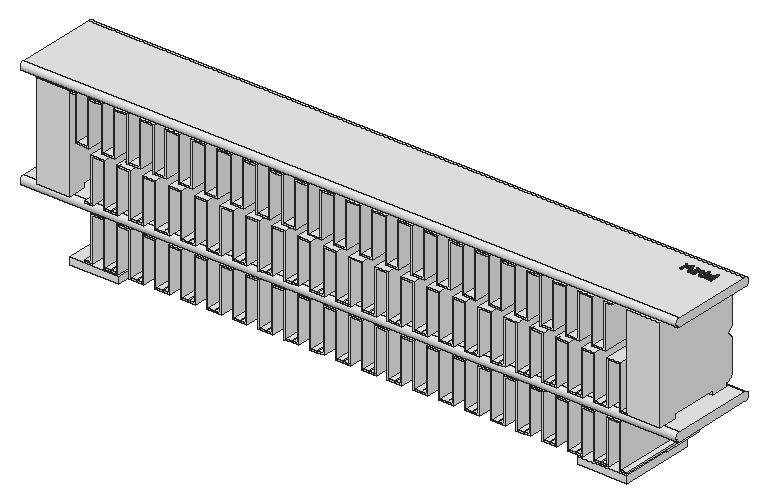
Revit family "Runtal-R3F-1", category Mechanical Equipment, host Face, Revit 2025 (continued)
Definition of nested family "Family Grilles"
  Lines and regions (mm)
    model lines
      curve 393: circle (223.52, 1.27, 0) r 1.27 normal (0, 0, 1)
      curve 394: circle (228.6, 19.05, 0) r 1.27 normal (0, 0, 1)
      curve 395: circle (228.6, 10.16, 0) r 1.27 normal (0, 0, 1)
      curve 396: circle (228.6, 1.27, 0) r 1.27 normal (0, 0, 1)
      curve 397: circle (233.68, 19.05, 0) r 1.27 normal (0, 0, 1)
      curve 398: circle (233.68, 10.16, 0) r 1.27 normal (0, 0, 1)
      curve 399: circle (233.68, 1.27, 0) r 1.27 normal (0, 0, 1)
      curve 400: circle (238.76, 19.05, 0) r 1.27 normal (0, 0, 1)
      curve 401: circle (238.76, 10.16, 0) r 1.27 normal (0, 0, 1)
      curve 402: circle (238.76, 1.27, 0) r 1.27 normal (0, 0, 1)
      curve 403: circle (243.84, 19.05, 0) r 1.27 normal (0, 0, 1)
      curve 404: circle (243.84, 10.16, 0) r 1.27 normal (0, 0, 1)
      curve 405: circle (243.84, 1.27, 0) r 1.27 normal (0, 0, 1)
      curve 406: circle (248.92, 19.05, 0) r 1.27 normal (0, 0, 1)
      curve 407: circle (248.92, 10.16, 0) r 1.27 normal (0, 0, 1)
      curve 408: circle (248.92, 1.27, 0) r 1.27 normal (0, 0, 1)
      curve 409: circle (254, 19.05, 0) r 1.27 normal (0, 0, 1)
      curve 410: circle (254, 10.16, 0) r 1.27 normal (0, 0, 1)
      curve 411: circle (254, 1.27, 0) r 1.27 normal (0, 0, 1)
      curve 412: circle (259.08, 19.05, 0) r 1.27 normal (0, 0, 1)
      curve 413: circle (259.08, 10.16, 0) r 1.27 normal (0, 0, 1)
      curve 414: circle (259.08, 1.27, 0) r 1.27 normal (0, 0, 1)
      curve 415: circle (264.16, 19.05, 0) r 1.27 normal (0, 0, 1)
      curve 416: circle (264.16, 10.16, 0) r 1.27 normal (0, 0, 1)
      curve 417: circle (264.16, 1.27, 0) r 1.27 normal (0, 0, 1)
      curve 418: circle (269.24, 19.05, 0) r 1.27 normal (0, 0, 1)
      curve 419: circle (269.24, 10.16, 0) r 1.27 normal (0, 0, 1)
      curve 420: circle (269.24, 1.27, 0) r 1.27 normal (0, 0, 1)
      curve 421: circle (274.32, 19.05, 0) r 1.27 normal (0, 0, 1)
      curve 422: circle (274.32, 10.16, 0) r 1.27 normal (0, 0, 1)
      curve 423: circle (274.32, 1.27, 0) r 1.27 normal (0, 0, 1)
      curve 424: circle (279.4, 19.05, 0) r 1.27 normal (0, 0, 1)
      curve 425: circle (279.4, 10.16, 0) r 1.27 normal (0, 0, 1)
      curve 426: circle (279.4, 1.27, 0) r 1.27 normal (0, 0, 1)
      curve 427: circle (284.48, 19.05, 0) r 1.27 normal (0, 0, 1)
      curve 428: circle (284.48, 10.16, 0) r 1.27 normal (0, 0, 1)
      curve 429: circle (284.48, 1.27, 0) r 1.27 normal (0, 0, 1)
      curve 430: circle (289.56, 19.05, 0) r 1.27 normal (0, 0, 1)
      curve 431: circle (289.56, 10.16, 0) r 1.27 normal (0, 0, 1)
      curve 432: circle (289.56, 1.27, 0) r 1.27 normal (0, 0, 1)
      curve 433: circle (294.64, 19.05, 0) r 1.27 normal (0, 0, 1)
      curve 434: circle (294.64, 10.16, 0) r 1.27 normal (0, 0, 1)
      curve 435: circle (294.64, 1.27, 0) r 1.27 normal (0, 0, 1)
      curve 436: circle (299.72, 19.05, 0) r 1.27 normal (0, 0, 1)
      curve 437: circle (299.72, 10.16, 0) r 1.27 normal (0, 0, 1)
      curve 438: circle (299.72, 1.27, 0) r 1.27 normal (0, 0, 1)
      curve 439: circle (304.8, 19.05, 0) r 1.27 normal (0, 0, 1)
      curve 440: circle (304.8, 10.16, 0) r 1.27 normal (0, 0, 1)
      curve 441: circle (304.8, 1.27, 0) r 1.27 normal (0, 0, 1)
      curve 442: circle (309.88, 19.05, 0) r 1.27 normal (0, 0, 1)
      curve 443: circle (309.88, 10.16, 0) r 1.27 normal (0, 0, 1)
      curve 444: circle (309.88, 1.27, 0) r 1.27 normal (0, 0, 1)
      curve 445: circle (314.96, 19.05, 0) r 1.27 normal (0, 0, 1)
      curve 446: circle (314.96, 10.16, 0) r 1.27 normal (0, 0, 1)
      curve 447: circle (314.96, 1.27, 0) r 1.27 normal (0, 0, 1)
      curve 448: circle (320.04, 19.05, 0) r 1.27 normal (0, 0, 1)
      curve 449: circle (320.04, 10.16, 0) r 1.27 normal (0, 0, 1)
      curve 450: circle (320.04, 1.27, 0) r 1.27 normal (0, 0, 1)
      curve 451: circle (325.12, 19.05, 0) r 1.27 normal (0, 0, 1)
      curve 452: circle (325.12, 10.16, 0) r 1.27 normal (0, 0, 1)
      curve 453: circle (325.12, 1.27, 0) r 1.27 normal (0, 0, 1)
      curve 454: circle (330.2, 19.05, 0) r 1.27 normal (0, 0, 1)
      curve 455: circle (330.2, 10.16, 0) r 1.27 normal (0, 0, 1)
      curve 456: circle (330.2, 1.27, 0) r 1.27 normal (0, 0, 1)
      curve 457: circle (335.28, 19.05, 0) r 1.27 normal (0, 0, 1)
      curve 458: circle (335.28, 10.16, 0) r 1.27 normal (0, 0, 1)
      curve 459: circle (335.28, 1.27, 0) r 1.27 normal (0, 0, 1)
      curve 460: circle (340.36, 19.05, 0) r 1.27 normal (0, 0, 1)
      curve 461: circle (340.36, 10.16, 0) r 1.27 normal (0, 0, 1)
      curve 462: circle (340.36, 1.27, 0) r 1.27 normal (0, 0, 1)
      curve 463: circle (345.44, 19.05, 0) r 1.27 normal (0, 0, 1)
      curve 464: circle (345.44, 10.16, 0) r 1.27 normal (0, 0, 1)
      curve 465: circle (345.44, 1.27, 0) r 1.27 normal (0, 0, 1)
      curve 466: circle (350.52, 19.05, 0) r 1.27 normal (0, 0, 1)
      curve 467: circle (350.52, 10.16, 0) r 1.27 normal (0, 0, 1)
      curve 468: circle (350.52, 1.27, 0) r 1.27 normal (0, 0, 1)
      curve 469: circle (355.6, 19.05, 0) r 1.27 normal (0, 0, 1)
      curve 470: circle (355.6, 10.16, 0) r 1.27 normal (0, 0, 1)
      curve 471: circle (355.6, 1.27, 0) r 1.27 normal (0, 0, 1)
      curve 472: circle (360.68, 19.05, 0) r 1.27 normal (0, 0, 1)
      curve 473: circle (360.68, 10.16, 0) r 1.27 normal (0, 0, 1)
      curve 474: circle (360.68, 1.27, 0) r 1.27 normal (0, 0, 1)
      curve 475: circle (365.76, 19.05, 0) r 1.27 normal (0, 0, 1)
      curve 476: circle (365.76, 10.16, 0) r 1.27 normal (0, 0, 1)
      curve 477: circle (365.76, 1.27, 0) r 1.27 normal (0, 0, 1)
      curve 478: circle (370.84, 19.05, 0) r 1.27 normal (0, 0, 1)
      curve 479: circle (370.84, 10.16, 0) r 1.27 normal (0, 0, 1)
      curve 480: circle (370.84, 1.27, 0) r 1.27 normal (0, 0, 1)
      curve 481: circle (375.92, 19.05, 0) r 1.27 normal (0, 0, 1)
      curve 482: circle (375.92, 10.16, 0) r 1.27 normal (0, 0, 1)
      curve 483: circle (375.92, 1.27, 0) r 1.27 normal (0, 0, 1)
      curve 484: circle (381, 19.05, 0) r 1.27 normal (0, 0, 1)
      curve 485: circle (381, 10.16, 0) r 1.27 normal (0, 0, 1)
      curve 486: circle (381, 1.27, 0) r 1.27 normal (0, 0, 1)
      curve 487: circle (386.08, 19.05, 0) r 1.27 normal (0, 0, 1)
      curve 488: circle (386.08, 10.16, 0) r 1.27 normal (0, 0, 1)
      curve 489: circle (386.08, 1.27, 0) r 1.27 normal (0, 0, 1)
      curve 490: circle (391.16, 19.05, 0) r 1.27 normal (0, 0, 1)
      curve 491: circle (391.16, 10.16, 0) r 1.27 normal (0, 0, 1)
      curve 492: circle (391.16, 1.27, 0) r 1.27 normal (0, 0, 1)
      curve 493: circle (396.24, 19.05, 0) r 1.27 normal (0, 0, 1)
      curve 494: circle (396.24, 10.16, 0) r 1.27 normal (0, 0, 1)
      curve 495: circle (396.24, 1.27, 0) r 1.27 normal (0, 0, 1)
      curve 496: circle (401.32, 19.05, 0) r 1.27 normal (0, 0, 1)
      curve 497: circle (401.32, 10.16, 0) r 1.27 normal (0, 0, 1)
      curve 498: circle (401.32, 1.27, 0) r 1.27 normal (0, 0, 1)
      curve 499: circle (406.4, 19.05, 0) r 1.27 normal (0, 0, 1)
      curve 500: circle (406.4, 10.16, 0) r 1.27 normal (0, 0, 1)
      curve 501: circle (406.4, 1.27, 0) r 1.27 normal (0, 0, 1)
      curve 502: circle (411.48, 19.05, 0) r 1.27 normal (0, 0, 1)
      curve 503: circle (411.48, 10.16, 0) r 1.27 normal (0, 0, 1)
      curve 504: circle (411.48, 1.27, 0) r 1.27 normal (0, 0, 1)
      curve 505: circle (416.56, 19.05, 0) r 1.27 normal (0, 0, 1)
      curve 506: circle (416.56, 10.16, 0) r 1.27 normal (0, 0, 1)
      curve 507: circle (416.56, 1.27, 0) r 1.27 normal (0, 0, 1)
      curve 508: circle (421.64, 19.05, 0) r 1.27 normal (0, 0, 1)
      curve 509: circle (421.64, 10.16, 0) r 1.27 normal (0, 0, 1)
      curve 510: circle (421.64, 1.27, 0) r 1.27 normal (0, 0, 1)
      curve 511: circle (426.72, 19.05, 0) r 1.27 normal (0, 0, 1)
      curve 512: circle (426.72, 10.16, 0) r 1.27 normal (0, 0, 1)
      curve 513: circle (426.72, 1.27, 0) r 1.27 normal (0, 0, 1)
    model lines, not visible
      curve 7: circle (2.54, 23.495, 0) r 1.27 normal (0, 0, 1)
      curve 8: circle (2.54, 14.605, 0) r 1.27 normal (0, 0, 1)
      curve 9: circle (2.54, 5.715, 0) r 1.27 normal (0, 0, 1)
      curve 10: circle (5.08, 19.05, 0) r 1.27 normal (0, 0, 1)
      curve 11: circle (5.08, 10.16, 0) r 1.27 normal (0, 0, 1)
      curve 12: circle (5.08, 1.27, 0) r 1.27 normal (0, 0, 1)
  Dimensions and locks
    "finLength": plane 3 "Center (Left/Right)" to plane 4
    equal spacing: group 1, group 5, group 9, group 10, group 11, group 12, group 13, group 14, group 15, group 16, group 17, group 18, group 19, group 20, group 21, group 22, group 23, group 24, group 25, group 26, group 27, group 28, group 29, group 30, group 31, group 32, group 33, group 34, group 35, group 36, group 37, group 38, group 39, group 40, group 41, group 42, group 43, group 44, group 45, group 46, group 47, group 48, group 49, group 50, group 51, group 52, group 53, group 54, group 55, group 56, group 57, group 58, group 59, group 60, group 61, group 62, group 63, group 64, group 65, group 66, group 67, group 68, group 69, group 70, group 71, group 72, group 73, group 74, group 75, group 76, group 77, group 78, group 79, group 80, group 81, group 82, group 83, group 84, group 85, group 86, group 87, group 88, group 89, group 90, group 91  (x3)
    equal spacing: group 3, group 6, group 7, group 8, group 92, group 93, group 94, group 95, group 96, group 97, group 98, group 99, group 100, group 101, group 102, group 103, group 104, group 105, group 106, group 107, group 108, group 109, group 110, group 111, group 112, group 113, group 114, group 115, group 116, group 117, group 118, group 119, group 120, group 121, group 122, group 123, group 124, group 125, group 126, group 127, group 128, group 129, group 130, group 131, group 132, group 133, group 134, group 135, group 136, group 137, group 138, group 139, group 140, group 141, group 142, group 143, group 144, group 145, group 146, group 147, group 148, group 149, group 150, group 151, group 152, group 153, group 154, group 155, group 156, group 157, group 158, group 159, group 160, group 161, group 162, group 163, group 164, group 165, group 166, group 167, group 168, group 169, group 170, group 171  (x3)
    aligned and locked: plane 2 to Extrusion 1
    aligned and locked: level to Extrusion 1
  Automatic sketch dimensions
    Extrusion 1 sketch curve to Extrusion 1 sketch curve = 2438.400 mm  (x2)
    curve 1 to curve 2 = 0.000 mm
    curve 2 to curve 1 = 8.890 mm
    curve 3 to curve 2 = 0.000 mm
    curve 3 to curve 2 = 8.890 mm
    curve 7 to curve 8 = 0.000 mm
    curve 8 to curve 7 = 8.890 mm
    curve 9 to curve 8 = 0.000 mm
    curve 9 to curve 8 = 8.890 mm
    curve 4 to curve 5 = 0.000 mm
    curve 5 to curve 4 = 8.890 mm
    curve 6 to curve 5 = 0.000 mm
    curve 6 to curve 5 = 8.890 mm
    curve 10 to curve 11 = 0.000 mm
    curve 11 to curve 10 = 8.890 mm
    curve 12 to curve 11 = 0.000 mm
    curve 12 to curve 11 = 8.890 mm
    curve 13 to curve 14 = 0.000 mm
    curve 14 to curve 13 = 8.890 mm
    curve 15 to curve 14 = 0.000 mm
    curve 15 to curve 14 = 8.890 mm
    curve 16 to curve 17 = 0.000 mm
    curve 17 to curve 16 = 8.890 mm
    curve 18 to curve 17 = 0.000 mm
    curve 18 to curve 17 = 8.890 mm
    curve 19 to curve 20 = 0.000 mm
    curve 20 to curve 19 = 8.890 mm
    curve 21 to curve 20 = 0.000 mm
    curve 21 to curve 20 = 8.890 mm
    curve 22 to curve 23 = 0.000 mm
    curve 23 to curve 22 = 8.890 mm
    curve 24 to curve 23 = 0.000 mm
    curve 24 to curve 23 = 8.890 mm
    curve 25 to curve 26 = 0.000 mm
    curve 26 to curve 25 = 8.890 mm
    curve 27 to curve 26 = 0.000 mm
    curve 27 to curve 26 = 8.890 mm
    curve 28 to curve 29 = 0.000 mm
    curve 29 to curve 28 = 8.890 mm
    curve 30 to curve 29 = 0.000 mm
    curve 30 to curve 29 = 8.890 mm
    curve 31 to curve 32 = 0.000 mm
    curve 32 to curve 31 = 8.890 mm
    curve 33 to curve 32 = 0.000 mm
    curve 33 to curve 32 = 8.890 mm
    curve 34 to curve 35 = 0.000 mm
    curve 35 to curve 34 = 8.890 mm
    curve 36 to curve 35 = 0.000 mm
    curve 36 to curve 35 = 8.890 mm
    curve 37 to curve 38 = 0.000 mm
    curve 38 to curve 37 = 8.890 mm
    curve 39 to curve 38 = 0.000 mm
    curve 39 to curve 38 = 8.890 mm
    curve 40 to curve 41 = 0.000 mm
    curve 41 to curve 40 = 8.890 mm
    curve 42 to curve 41 = 0.000 mm
    curve 42 to curve 41 = 8.890 mm
    curve 43 to curve 44 = 0.000 mm
    curve 44 to curve 43 = 8.890 mm
    curve 45 to curve 44 = 0.000 mm
    curve 45 to curve 44 = 8.890 mm
    curve 46 to curve 47 = 0.000 mm
    curve 47 to curve 46 = 8.890 mm
    curve 48 to curve 47 = 0.000 mm
    curve 48 to curve 47 = 8.890 mm
    curve 49 to curve 50 = 0.000 mm
    curve 50 to curve 49 = 8.890 mm
    curve 51 to curve 50 = 0.000 mm
    curve 51 to curve 50 = 8.890 mm
    curve 52 to curve 53 = 0.000 mm
    curve 53 to curve 52 = 8.890 mm
    curve 54 to curve 53 = 0.000 mm
    curve 54 to curve 53 = 8.890 mm
    curve 55 to curve 56 = 0.000 mm
    curve 56 to curve 55 = 8.890 mm
    curve 57 to curve 56 = 0.000 mm
    curve 57 to curve 56 = 8.890 mm
    curve 58 to curve 59 = 0.000 mm
    curve 59 to curve 58 = 8.890 mm
    curve 60 to curve 59 = 0.000 mm
    curve 60 to curve 59 = 8.890 mm
    curve 61 to curve 62 = 0.000 mm
    curve 62 to curve 61 = 8.890 mm
    curve 63 to curve 62 = 0.000 mm
    curve 63 to curve 62 = 8.890 mm
    curve 64 to curve 65 = 0.000 mm
    curve 65 to curve 64 = 8.890 mm
    curve 66 to curve 65 = 0.000 mm
    curve 66 to curve 65 = 8.890 mm
    curve 67 to curve 68 = 0.000 mm
    curve 68 to curve 67 = 8.890 mm
    curve 69 to curve 68 = 0.000 mm
    curve 69 to curve 68 = 8.890 mm
    curve 70 to curve 71 = 0.000 mm
    curve 71 to curve 70 = 8.890 mm
    curve 72 to curve 71 = 0.000 mm
    curve 72 to curve 71 = 8.890 mm
    curve 73 to curve 74 = 0.000 mm
    curve 74 to curve 73 = 8.890 mm
    curve 75 to curve 74 = 0.000 mm
    curve 75 to curve 74 = 8.890 mm
    curve 76 to curve 77 = 0.000 mm
    curve 77 to curve 76 = 8.890 mm
    curve 78 to curve 77 = 0.000 mm
    curve 78 to curve 77 = 8.890 mm
    curve 79 to curve 80 = 0.000 mm
    curve 80 to curve 79 = 8.890 mm
    curve 81 to curve 80 = 0.000 mm
    curve 81 to curve 80 = 8.890 mm
    curve 82 to curve 83 = 0.000 mm
    curve 83 to curve 82 = 8.890 mm
    curve 84 to curve 83 = 0.000 mm
    curve 84 to curve 83 = 8.890 mm
    curve 85 to curve 86 = 0.000 mm
    curve 86 to curve 85 = 8.890 mm
    curve 87 to curve 86 = 0.000 mm
    curve 87 to curve 86 = 8.890 mm
    curve 88 to curve 89 = 0.000 mm
    curve 89 to curve 88 = 8.890 mm
    curve 90 to curve 89 = 0.000 mm
    curve 90 to curve 89 = 8.890 mm
    curve 91 to curve 92 = 0.000 mm
    curve 92 to curve 91 = 8.890 mm
    curve 93 to curve 92 = 0.000 mm
    curve 93 to curve 92 = 8.890 mm
    curve 94 to curve 95 = 0.000 mm
    curve 95 to curve 94 = 8.890 mm
    curve 96 to curve 95 = 0.000 mm
    curve 96 to curve 95 = 8.890 mm
    curve 97 to curve 98 = 0.000 mm
    curve 98 to curve 97 = 8.890 mm
    curve 99 to curve 98 = 0.000 mm
    curve 99 to curve 98 = 8.890 mm
    curve 100 to curve 101 = 0.000 mm
    curve 101 to curve 100 = 8.890 mm
    curve 102 to curve 101 = 0.000 mm
    curve 102 to curve 101 = 8.890 mm
    curve 103 to curve 104 = 0.000 mm
    curve 104 to curve 103 = 8.890 mm
    curve 105 to curve 104 = 0.000 mm
    curve 105 to curve 104 = 8.890 mm
    curve 106 to curve 107 = 0.000 mm
    curve 107 to curve 106 = 8.890 mm
    curve 108 to curve 107 = 0.000 mm
    curve 108 to curve 107 = 8.890 mm
    curve 109 to curve 110 = 0.000 mm
    curve 110 to curve 109 = 8.890 mm
    curve 111 to curve 110 = 0.000 mm
    curve 111 to curve 110 = 8.890 mm
    curve 112 to curve 113 = 0.000 mm
    curve 113 to curve 112 = 8.890 mm
    curve 114 to curve 113 = 0.000 mm
    curve 114 to curve 113 = 8.890 mm
    curve 115 to curve 116 = 0.000 mm
    curve 116 to curve 115 = 8.890 mm
    curve 117 to curve 116 = 0.000 mm
    curve 117 to curve 116 = 8.890 mm
    curve 118 to curve 119 = 0.000 mm
    curve 119 to curve 118 = 8.890 mm
    curve 120 to curve 119 = 0.000 mm
    curve 120 to curve 119 = 8.890 mm
    curve 121 to curve 122 = 0.000 mm
    curve 122 to curve 121 = 8.890 mm
    curve 123 to curve 122 = 0.000 mm
    curve 123 to curve 122 = 8.890 mm
    curve 124 to curve 125 = 0.000 mm
    curve 125 to curve 124 = 8.890 mm
    curve 126 to curve 125 = 0.000 mm
    curve 126 to curve 125 = 8.890 mm
    curve 127 to curve 128 = 0.000 mm
    curve 128 to curve 127 = 8.890 mm
    curve 129 to curve 128 = 0.000 mm
    curve 129 to curve 128 = 8.890 mm
    curve 130 to curve 131 = 0.000 mm
    curve 131 to curve 130 = 8.890 mm
    curve 132 to curve 131 = 0.000 mm
    curve 132 to curve 131 = 8.890 mm
    curve 133 to curve 134 = 0.000 mm
    curve 134 to curve 133 = 8.890 mm
    curve 135 to curve 134 = 0.000 mm
    curve 135 to curve 134 = 8.890 mm
    curve 136 to curve 137 = 0.000 mm
    curve 137 to curve 136 = 8.890 mm
    curve 138 to curve 137 = 0.000 mm
    curve 138 to curve 137 = 8.890 mm
    curve 139 to curve 140 = 0.000 mm
    curve 140 to curve 139 = 8.890 mm
    curve 141 to curve 140 = 0.000 mm
    curve 141 to curve 140 = 8.890 mm
    curve 142 to curve 143 = 0.000 mm
    curve 143 to curve 142 = 8.890 mm
    curve 144 to curve 143 = 0.000 mm
    curve 144 to curve 143 = 8.890 mm
    curve 145 to curve 146 = 0.000 mm
    curve 146 to curve 145 = 8.890 mm
    curve 147 to curve 146 = 0.000 mm
    curve 147 to curve 146 = 8.890 mm
    curve 148 to curve 149 = 0.000 mm
    curve 149 to curve 148 = 8.890 mm
    curve 150 to curve 149 = 0.000 mm
    curve 150 to curve 149 = 8.890 mm
    curve 151 to curve 152 = 0.000 mm
    curve 152 to curve 151 = 8.890 mm
    curve 153 to curve 152 = 0.000 mm
    curve 153 to curve 152 = 8.890 mm
    curve 154 to curve 155 = 0.000 mm
    curve 155 to curve 154 = 8.890 mm
    curve 156 to curve 155 = 0.000 mm
    curve 156 to curve 155 = 8.890 mm
    curve 157 to curve 158 = 0.000 mm
    curve 158 to curve 157 = 8.890 mm
    curve 159 to curve 158 = 0.000 mm
    curve 159 to curve 158 = 8.890 mm
    curve 160 to curve 161 = 0.000 mm
    curve 161 to curve 160 = 8.890 mm
    curve 162 to curve 161 = 0.000 mm
    curve 162 to curve 161 = 8.890 mm
    curve 163 to curve 164 = 0.000 mm
    curve 164 to curve 163 = 8.890 mm
    curve 165 to curve 164 = 0.000 mm
    curve 165 to curve 164 = 8.890 mm
    curve 166 to curve 167 = 0.000 mm
    curve 167 to curve 166 = 8.890 mm
    curve 168 to curve 167 = 0.000 mm
    curve 168 to curve 167 = 8.890 mm
    curve 169 to curve 170 = 0.000 mm
    curve 170 to curve 169 = 8.890 mm
    curve 171 to curve 170 = 0.000 mm
    curve 171 to curve 170 = 8.890 mm
    curve 172 to curve 173 = 0.000 mm
    curve 173 to curve 172 = 8.890 mm
    curve 174 to curve 173 = 0.000 mm
    curve 174 to curve 173 = 8.890 mm
    curve 175 to curve 176 = 0.000 mm
    curve 176 to curve 175 = 8.890 mm
    curve 177 to curve 176 = 0.000 mm
    curve 177 to curve 176 = 8.890 mm
    curve 178 to curve 179 = 0.000 mm
    curve 179 to curve 178 = 8.890 mm
    curve 180 to curve 179 = 0.000 mm
    curve 180 to curve 179 = 8.890 mm
    curve 181 to curve 182 = 0.000 mm
    curve 182 to curve 181 = 8.890 mm
    curve 183 to curve 182 = 0.000 mm
    curve 183 to curve 182 = 8.890 mm
    curve 184 to curve 185 = 0.000 mm
    curve 185 to curve 184 = 8.890 mm
    curve 186 to curve 185 = 0.000 mm
    curve 186 to curve 185 = 8.890 mm
    curve 187 to curve 188 = 0.000 mm
    curve 188 to curve 187 = 8.890 mm
    curve 189 to curve 188 = 0.000 mm
    curve 189 to curve 188 = 8.890 mm
    curve 190 to curve 191 = 0.000 mm
    curve 191 to curve 190 = 8.890 mm
    curve 192 to curve 191 = 0.000 mm
    curve 192 to curve 191 = 8.890 mm
    curve 193 to curve 194 = 0.000 mm
    curve 194 to curve 193 = 8.890 mm
    curve 195 to curve 194 = 0.000 mm
    curve 195 to curve 194 = 8.890 mm
    curve 196 to curve 197 = 0.000 mm
    curve 197 to curve 196 = 8.890 mm
    curve 198 to curve 197 = 0.000 mm
    curve 198 to curve 197 = 8.890 mm
    curve 199 to curve 200 = 0.000 mm
    curve 200 to curve 199 = 8.890 mm
    curve 201 to curve 200 = 0.000 mm
    curve 201 to curve 200 = 8.890 mm
    curve 202 to curve 203 = 0.000 mm
    curve 203 to curve 202 = 8.890 mm
    curve 204 to curve 203 = 0.000 mm
    curve 204 to curve 203 = 8.890 mm
    curve 205 to curve 206 = 0.000 mm
    curve 206 to curve 205 = 8.890 mm
    curve 207 to curve 206 = 0.000 mm
    curve 207 to curve 206 = 8.890 mm
    curve 208 to curve 209 = 0.000 mm
    curve 209 to curve 208 = 8.890 mm
    curve 210 to curve 209 = 0.000 mm
    curve 210 to curve 209 = 8.890 mm
    curve 211 to curve 212 = 0.000 mm
    curve 212 to curve 211 = 8.890 mm
    curve 213 to curve 212 = 0.000 mm
    curve 213 to curve 212 = 8.890 mm
    curve 214 to curve 215 = 0.000 mm
    curve 215 to curve 214 = 8.890 mm
    curve 216 to curve 215 = 0.000 mm
    curve 216 to curve 215 = 8.890 mm
    curve 217 to curve 218 = 0.000 mm
    curve 218 to curve 217 = 8.890 mm
    curve 219 to curve 218 = 0.000 mm
    curve 219 to curve 218 = 8.890 mm
    curve 220 to curve 221 = 0.000 mm
    curve 221 to curve 220 = 8.890 mm
    curve 222 to curve 221 = 0.000 mm
    curve 222 to curve 221 = 8.890 mm
    curve 223 to curve 224 = 0.000 mm
    curve 224 to curve 223 = 8.890 mm
    curve 225 to curve 224 = 0.000 mm
    curve 225 to curve 224 = 8.890 mm
    curve 226 to curve 227 = 0.000 mm
    curve 227 to curve 226 = 8.890 mm
    curve 228 to curve 227 = 0.000 mm
    curve 228 to curve 227 = 8.890 mm
    curve 229 to curve 230 = 0.000 mm
    curve 230 to curve 229 = 8.890 mm
    curve 231 to curve 230 = 0.000 mm
    curve 231 to curve 230 = 8.890 mm
    curve 232 to curve 233 = 0.000 mm
    curve 233 to curve 232 = 8.890 mm
    curve 234 to curve 233 = 0.000 mm
    curve 234 to curve 233 = 8.890 mm
    curve 235 to curve 236 = 0.000 mm
    curve 236 to curve 235 = 8.890 mm
    curve 237 to curve 236 = 0.000 mm
    curve 237 to curve 236 = 8.890 mm
    curve 238 to curve 239 = 0.000 mm
    curve 239 to curve 238 = 8.890 mm
    curve 240 to curve 239 = 0.000 mm
    curve 240 to curve 239 = 8.890 mm
    curve 241 to curve 242 = 0.000 mm
    curve 242 to curve 241 = 8.890 mm
    curve 243 to curve 242 = 0.000 mm
    curve 243 to curve 242 = 8.890 mm
    curve 244 to curve 245 = 0.000 mm
    curve 245 to curve 244 = 8.890 mm
    curve 246 to curve 245 = 0.000 mm
    curve 246 to curve 245 = 8.890 mm
    curve 247 to curve 248 = 0.000 mm
    curve 248 to curve 247 = 8.890 mm
    curve 249 to curve 248 = 0.000 mm
    curve 249 to curve 248 = 8.890 mm
    curve 250 to curve 251 = 0.000 mm
    curve 251 to curve 250 = 8.890 mm
    curve 252 to curve 251 = 0.000 mm
    curve 252 to curve 251 = 8.890 mm
    curve 253 to curve 254 = 0.000 mm
    curve 254 to curve 253 = 8.890 mm
    curve 255 to curve 254 = 0.000 mm
    curve 255 to curve 254 = 8.890 mm
    curve 256 to curve 257 = 0.000 mm
    curve 257 to curve 256 = 8.890 mm
    curve 258 to curve 257 = 0.000 mm
    curve 258 to curve 257 = 8.890 mm
    curve 259 to curve 260 = 0.000 mm
    curve 260 to curve 259 = 8.890 mm
    curve 261 to curve 260 = 0.000 mm
    curve 261 to curve 260 = 8.890 mm
    curve 262 to curve 263 = 0.000 mm
    curve 263 to curve 262 = 8.890 mm
    curve 264 to curve 263 = 0.000 mm
    curve 264 to curve 263 = 8.890 mm
    curve 265 to curve 266 = 0.000 mm
    curve 266 to curve 265 = 8.890 mm
    curve 267 to curve 266 = 0.000 mm
    curve 267 to curve 266 = 8.890 mm
    curve 268 to curve 269 = 0.000 mm
    curve 269 to curve 268 = 8.890 mm
    curve 270 to curve 269 = 0.000 mm
    curve 270 to curve 269 = 8.890 mm
    curve 271 to curve 272 = 0.000 mm
    curve 272 to curve 271 = 8.890 mm
    curve 273 to curve 272 = 0.000 mm
    curve 273 to curve 272 = 8.890 mm
    curve 274 to curve 275 = 0.000 mm
    curve 275 to curve 274 = 8.890 mm
    curve 276 to curve 275 = 0.000 mm
    curve 276 to curve 275 = 8.890 mm
    curve 277 to curve 278 = 0.000 mm
    curve 278 to curve 277 = 8.890 mm
    curve 279 to curve 278 = 0.000 mm
    curve 279 to curve 278 = 8.890 mm
    curve 280 to curve 281 = 0.000 mm
    curve 281 to curve 280 = 8.890 mm
    curve 282 to curve 281 = 0.000 mm
    curve 282 to curve 281 = 8.890 mm
    curve 283 to curve 284 = 0.000 mm
    curve 284 to curve 283 = 8.890 mm
    curve 285 to curve 284 = 0.000 mm
    curve 285 to curve 284 = 8.890 mm
    curve 286 to curve 287 = 0.000 mm
    curve 287 to curve 286 = 8.890 mm
    curve 288 to curve 287 = 0.000 mm
    curve 288 to curve 287 = 8.890 mm
    curve 289 to curve 290 = 0.000 mm
    curve 290 to curve 289 = 8.890 mm
    curve 291 to curve 290 = 0.000 mm
    curve 291 to curve 290 = 8.890 mm
    curve 292 to curve 293 = 0.000 mm
    curve 293 to curve 292 = 8.890 mm
    curve 294 to curve 293 = 0.000 mm
    curve 294 to curve 293 = 8.890 mm
    curve 295 to curve 296 = 0.000 mm
    curve 296 to curve 295 = 8.890 mm
    curve 297 to curve 296 = 0.000 mm
    curve 297 to curve 296 = 8.890 mm
    curve 298 to curve 299 = 0.000 mm
    curve 299 to curve 298 = 8.890 mm
    curve 300 to curve 299 = 0.000 mm
    curve 300 to curve 299 = 8.890 mm
    curve 301 to curve 302 = 0.000 mm
    curve 302 to curve 301 = 8.890 mm
    curve 303 to curve 302 = 0.000 mm
    curve 303 to curve 302 = 8.890 mm
    curve 304 to curve 305 = 0.000 mm
    curve 305 to curve 304 = 8.890 mm
    curve 306 to curve 305 = 0.000 mm
    curve 306 to curve 305 = 8.890 mm
    curve 307 to curve 308 = 0.000 mm
    curve 308 to curve 307 = 8.890 mm
    curve 309 to curve 308 = 0.000 mm
    curve 309 to curve 308 = 8.890 mm
    curve 310 to curve 311 = 0.000 mm
    curve 311 to curve 310 = 8.890 mm
    curve 312 to curve 311 = 0.000 mm
    curve 312 to curve 311 = 8.890 mm
    curve 313 to curve 314 = 0.000 mm
    curve 314 to curve 313 = 8.890 mm
    curve 315 to curve 314 = 0.000 mm
    curve 315 to curve 314 = 8.890 mm
    curve 316 to curve 317 = 0.000 mm
    curve 317 to curve 316 = 8.890 mm
    curve 318 to curve 317 = 0.000 mm
    curve 318 to curve 317 = 8.890 mm
    curve 319 to curve 320 = 0.000 mm
    curve 320 to curve 319 = 8.890 mm
    curve 321 to curve 320 = 0.000 mm
    curve 321 to curve 320 = 8.890 mm
    curve 322 to curve 323 = 0.000 mm
    curve 323 to curve 322 = 8.890 mm
    curve 324 to curve 323 = 0.000 mm
    curve 324 to curve 323 = 8.890 mm
    curve 325 to curve 326 = 0.000 mm
    curve 326 to curve 325 = 8.890 mm
    curve 327 to curve 326 = 0.000 mm
    curve 327 to curve 326 = 8.890 mm
    curve 328 to curve 329 = 0.000 mm
    curve 329 to curve 328 = 8.890 mm
    curve 330 to curve 329 = 0.000 mm
    curve 330 to curve 329 = 8.890 mm
    curve 331 to curve 332 = 0.000 mm
    curve 332 to curve 331 = 8.890 mm
    curve 333 to curve 332 = 0.000 mm
    curve 333 to curve 332 = 8.890 mm
    curve 334 to curve 335 = 0.000 mm
    curve 335 to curve 334 = 8.890 mm
    curve 336 to curve 335 = 0.000 mm
    curve 336 to curve 335 = 8.890 mm
    curve 337 to curve 338 = 0.000 mm
    curve 338 to curve 337 = 8.890 mm
    curve 339 to curve 338 = 0.000 mm
    curve 339 to curve 338 = 8.890 mm
    curve 340 to curve 341 = 0.000 mm
    curve 341 to curve 340 = 8.890 mm
    curve 342 to curve 341 = 0.000 mm
    curve 342 to curve 341 = 8.890 mm
    curve 343 to curve 344 = 0.000 mm
    curve 344 to curve 343 = 8.890 mm
    curve 345 to curve 344 = 0.000 mm
    curve 345 to curve 344 = 8.890 mm
    curve 346 to curve 347 = 0.000 mm
    curve 347 to curve 346 = 8.890 mm
    curve 348 to curve 347 = 0.000 mm
    curve 348 to curve 347 = 8.890 mm
    curve 349 to curve 350 = 0.000 mm
    curve 350 to curve 349 = 8.890 mm
    curve 351 to curve 350 = 0.000 mm
    curve 351 to curve 350 = 8.890 mm
    curve 352 to curve 353 = 0.000 mm
    curve 353 to curve 352 = 8.890 mm
    curve 354 to curve 353 = 0.000 mm
    curve 354 to curve 353 = 8.890 mm
    curve 355 to curve 356 = 0.000 mm
    curve 356 to curve 355 = 8.890 mm
    curve 357 to curve 356 = 0.000 mm
    curve 357 to curve 356 = 8.890 mm
    curve 358 to curve 359 = 0.000 mm
    curve 359 to curve 358 = 8.890 mm
    curve 360 to curve 359 = 0.000 mm
    curve 360 to curve 359 = 8.890 mm
    curve 361 to curve 362 = 0.000 mm
    curve 362 to curve 361 = 8.890 mm
    curve 363 to curve 362 = 0.000 mm
    curve 363 to curve 362 = 8.890 mm
    curve 364 to curve 365 = 0.000 mm
    curve 365 to curve 364 = 8.890 mm
    curve 366 to curve 365 = 0.000 mm
    curve 366 to curve 365 = 8.890 mm
    curve 367 to curve 368 = 0.000 mm
    curve 368 to curve 367 = 8.890 mm
    curve 369 to curve 368 = 0.000 mm
    curve 369 to curve 368 = 8.890 mm
    curve 370 to curve 371 = 0.000 mm
    curve 371 to curve 370 = 8.890 mm
    curve 372 to curve 371 = 0.000 mm
    curve 372 to curve 371 = 8.890 mm
    curve 373 to curve 374 = 0.000 mm
    curve 374 to curve 373 = 8.890 mm
    curve 375 to curve 374 = 0.000 mm
    curve 375 to curve 374 = 8.890 mm
    curve 376 to curve 377 = 0.000 mm
    curve 377 to curve 376 = 8.890 mm
    curve 378 to curve 377 = 0.000 mm
    curve 378 to curve 377 = 8.890 mm
    curve 379 to curve 380 = 0.000 mm
    curve 380 to curve 379 = 8.890 mm
    curve 381 to curve 380 = 0.000 mm
    curve 381 to curve 380 = 8.890 mm
    curve 382 to curve 383 = 0.000 mm
    curve 383 to curve 382 = 8.890 mm
    curve 384 to curve 383 = 0.000 mm
    curve 384 to curve 383 = 8.890 mm
    curve 385 to curve 386 = 0.000 mm
    curve 386 to curve 385 = 8.890 mm
    curve 387 to curve 386 = 0.000 mm
    curve 387 to curve 386 = 8.890 mm
    curve 388 to curve 389 = 0.000 mm
    curve 389 to curve 388 = 8.890 mm
    curve 390 to curve 389 = 0.000 mm
    curve 390 to curve 389 = 8.890 mm
    curve 391 to curve 392 = 0.000 mm
    curve 392 to curve 391 = 8.890 mm
    curve 393 to curve 392 = 0.000 mm
    curve 393 to curve 392 = 8.890 mm
    curve 394 to curve 395 = 0.000 mm
    curve 395 to curve 394 = 8.890 mm
    curve 396 to curve 395 = 0.000 mm
    curve 396 to curve 395 = 8.890 mm
    curve 397 to curve 398 = 0.000 mm
    curve 398 to curve 397 = 8.890 mm
    curve 399 to curve 398 = 0.000 mm
    curve 399 to curve 398 = 8.890 mm
    curve 400 to curve 401 = 0.000 mm
    curve 401 to curve 400 = 8.890 mm
    curve 402 to curve 401 = 0.000 mm
    curve 402 to curve 401 = 8.890 mm
    curve 403 to curve 404 = 0.000 mm
    curve 404 to curve 403 = 8.890 mm
    curve 405 to curve 404 = 0.000 mm
    curve 405 to curve 404 = 8.890 mm
    curve 406 to curve 407 = 0.000 mm
    curve 407 to curve 406 = 8.890 mm
    curve 408 to curve 407 = 0.000 mm
    curve 408 to curve 407 = 8.890 mm
    curve 409 to curve 410 = 0.000 mm
    curve 410 to curve 409 = 8.890 mm
    curve 411 to curve 410 = 0.000 mm
    curve 411 to curve 410 = 8.890 mm
    curve 412 to curve 413 = 0.000 mm
    curve 413 to curve 412 = 8.890 mm
    curve 414 to curve 413 = 0.000 mm
    curve 414 to curve 413 = 8.890 mm
    curve 415 to curve 416 = 0.000 mm
    curve 416 to curve 415 = 8.890 mm
    curve 417 to curve 416 = 0.000 mm
    curve 417 to curve 416 = 8.890 mm
    curve 418 to curve 419 = 0.000 mm
    curve 419 to curve 418 = 8.890 mm
    curve 420 to curve 419 = 0.000 mm
    curve 420 to curve 419 = 8.890 mm
    curve 421 to curve 422 = 0.000 mm
    curve 422 to curve 421 = 8.890 mm
    curve 423 to curve 422 = 0.000 mm
    curve 423 to curve 422 = 8.890 mm
    curve 424 to curve 425 = 0.000 mm
    curve 425 to curve 424 = 8.890 mm
    curve 426 to curve 425 = 0.000 mm
    curve 426 to curve 425 = 8.890 mm
    curve 427 to curve 428 = 0.000 mm
    curve 428 to curve 427 = 8.890 mm
    curve 429 to curve 428 = 0.000 mm
    curve 429 to curve 428 = 8.890 mm
    curve 430 to curve 431 = 0.000 mm
    curve 431 to curve 430 = 8.890 mm
    curve 432 to curve 431 = 0.000 mm
    curve 432 to curve 431 = 8.890 mm
    curve 433 to curve 434 = 0.000 mm
    curve 434 to curve 433 = 8.890 mm
    curve 435 to curve 434 = 0.000 mm
    curve 435 to curve 434 = 8.890 mm
    curve 436 to curve 437 = 0.000 mm
    curve 437 to curve 436 = 8.890 mm
    curve 438 to curve 437 = 0.000 mm
    curve 438 to curve 437 = 8.890 mm
    curve 439 to curve 440 = 0.000 mm
    curve 440 to curve 439 = 8.890 mm
    curve 441 to curve 440 = 0.000 mm
    curve 441 to curve 440 = 8.890 mm
    curve 442 to curve 443 = 0.000 mm
    curve 443 to curve 442 = 8.890 mm
    curve 444 to curve 443 = 0.000 mm
    curve 444 to curve 443 = 8.890 mm
    curve 445 to curve 446 = 0.000 mm
    curve 446 to curve 445 = 8.890 mm
    curve 447 to curve 446 = 0.000 mm
    curve 447 to curve 446 = 8.890 mm
    curve 448 to curve 449 = 0.000 mm
    curve 449 to curve 448 = 8.890 mm
    curve 450 to curve 449 = 0.000 mm
    curve 450 to curve 449 = 8.890 mm
    curve 451 to curve 452 = 0.000 mm
    curve 452 to curve 451 = 8.890 mm
    curve 453 to curve 452 = 0.000 mm
    curve 453 to curve 452 = 8.890 mm
    curve 454 to curve 455 = 0.000 mm
    curve 455 to curve 454 = 8.890 mm
    curve 456 to curve 455 = 0.000 mm
    curve 456 to curve 455 = 8.890 mm
    curve 457 to curve 458 = 0.000 mm
    curve 458 to curve 457 = 8.890 mm
    curve 459 to curve 458 = 0.000 mm
    curve 459 to curve 458 = 8.890 mm
    curve 460 to curve 461 = 0.000 mm
    curve 461 to curve 460 = 8.890 mm
    curve 462 to curve 461 = 0.000 mm
    curve 462 to curve 461 = 8.890 mm
    curve 463 to curve 464 = 0.000 mm
    curve 464 to curve 463 = 8.890 mm
    curve 465 to curve 464 = 0.000 mm
    curve 465 to curve 464 = 8.890 mm
    curve 466 to curve 467 = 0.000 mm
    curve 467 to curve 466 = 8.890 mm
    curve 468 to curve 467 = 0.000 mm
    curve 468 to curve 467 = 8.890 mm
    curve 469 to curve 470 = 0.000 mm
    curve 470 to curve 469 = 8.890 mm
    curve 471 to curve 470 = 0.000 mm
    curve 471 to curve 470 = 8.890 mm
    curve 472 to curve 473 = 0.000 mm
    curve 473 to curve 472 = 8.890 mm
    curve 474 to curve 473 = 0.000 mm
    curve 474 to curve 473 = 8.890 mm
    curve 475 to curve 476 = 0.000 mm
    curve 476 to curve 475 = 8.890 mm
    curve 477 to curve 476 = 0.000 mm
    curve 477 to curve 476 = 8.890 mm
    curve 478 to curve 479 = 0.000 mm
    curve 479 to curve 478 = 8.890 mm
    curve 480 to curve 479 = 0.000 mm
    curve 480 to curve 479 = 8.890 mm
    curve 481 to curve 482 = 0.000 mm
    curve 482 to curve 481 = 8.890 mm
    curve 483 to curve 482 = 0.000 mm
    curve 483 to curve 482 = 8.890 mm
    curve 484 to curve 485 = 0.000 mm
    curve 485 to curve 484 = 8.890 mm
    curve 486 to curve 485 = 0.000 mm
    curve 486 to curve 485 = 8.890 mm
    curve 487 to curve 488 = 0.000 mm
    curve 488 to curve 487 = 8.890 mm
    curve 489 to curve 488 = 0.000 mm
    curve 489 to curve 488 = 8.890 mm
    curve 490 to curve 491 = 0.000 mm
    curve 491 to curve 490 = 8.890 mm
    curve 492 to curve 491 = 0.000 mm
    curve 492 to curve 491 = 8.890 mm
    curve 493 to curve 494 = 0.000 mm
    curve 494 to curve 493 = 8.890 mm
    curve 495 to curve 494 = 0.000 mm
    curve 495 to curve 494 = 8.890 mm
    curve 496 to curve 497 = 0.000 mm
    curve 497 to curve 496 = 8.890 mm
    curve 498 to curve 497 = 0.000 mm
    curve 498 to curve 497 = 8.890 mm
    curve 499 to curve 500 = 0.000 mm
    curve 500 to curve 499 = 8.890 mm
    curve 501 to curve 500 = 0.000 mm
    curve 501 to curve 500 = 8.890 mm
    curve 502 to curve 503 = 0.000 mm
    curve 503 to curve 502 = 8.890 mm
    curve 504 to curve 503 = 0.000 mm
    curve 504 to curve 503 = 8.890 mm
    curve 505 to curve 506 = 0.000 mm
    curve 506 to curve 505 = 8.890 mm
    curve 507 to curve 506 = 0.000 mm
    curve 507 to curve 506 = 8.890 mm
    curve 508 to curve 509 = 0.000 mm
    curve 509 to curve 508 = 8.890 mm
    curve 510 to curve 509 = 0.000 mm
    curve 510 to curve 509 = 8.890 mm
    curve 511 to curve 512 = 0.000 mm
    curve 512 to curve 511 = 8.890 mm
    curve 513 to curve 512 = 0.000 mm
    curve 513 to curve 512 = 8.890 mm
    radius of curve 1 = 1.270 mm
    radius of curve 2 = 1.270 mm
    radius of curve 3 = 1.270 mm
    radius of curve 7 = 1.270 mm
    radius of curve 8 = 1.270 mm
    radius of curve 9 = 1.270 mm
    radius of curve 4 = 1.270 mm
    radius of curve 5 = 1.270 mm
    radius of curve 6 = 1.270 mm
    radius of curve 10 = 1.270 mm
    radius of curve 11 = 1.270 mm
    radius of curve 12 = 1.270 mm
    radius of curve 13 = 1.270 mm
    radius of curve 14 = 1.270 mm
    radius of curve 15 = 1.270 mm
    radius of curve 16 = 1.270 mm
    radius of curve 17 = 1.270 mm
    radius of curve 18 = 1.270 mm
    radius of curve 19 = 1.270 mm
    radius of curve 20 = 1.270 mm
    radius of curve 21 = 1.270 mm
    radius of curve 22 = 1.270 mm
    radius of curve 23 = 1.270 mm
    radius of curve 24 = 1.270 mm
    radius of curve 25 = 1.270 mm
    radius of curve 26 = 1.270 mm
    radius of curve 27 = 1.270 mm
    radius of curve 28 = 1.270 mm
    radius of curve 29 = 1.270 mm
    radius of curve 30 = 1.270 mm
    radius of curve 31 = 1.270 mm
    radius of curve 32 = 1.270 mm
    radius of curve 33 = 1.270 mm
    radius of curve 34 = 1.270 mm
    radius of curve 35 = 1.270 mm
    radius of curve 36 = 1.270 mm
    radius of curve 37 = 1.270 mm
    radius of curve 38 = 1.270 mm
    radius of curve 39 = 1.270 mm
    radius of curve 40 = 1.270 mm
    radius of curve 41 = 1.270 mm
    radius of curve 42 = 1.270 mm
    radius of curve 43 = 1.270 mm
    radius of curve 44 = 1.270 mm
    radius of curve 45 = 1.270 mm
    radius of curve 46 = 1.270 mm
    radius of curve 47 = 1.270 mm
    radius of curve 48 = 1.270 mm
    radius of curve 49 = 1.270 mm
    radius of curve 50 = 1.270 mm
    radius of curve 51 = 1.270 mm
    radius of curve 52 = 1.270 mm
    radius of curve 53 = 1.270 mm
    radius of curve 54 = 1.270 mm
    radius of curve 55 = 1.270 mm
    radius of curve 56 = 1.270 mm
    radius of curve 57 = 1.270 mm
    radius of curve 58 = 1.270 mm
    radius of curve 59 = 1.270 mm
    radius of curve 60 = 1.270 mm
    radius of curve 61 = 1.270 mm
    radius of curve 62 = 1.270 mm
    radius of curve 63 = 1.270 mm
    radius of curve 64 = 1.270 mm
    radius of curve 65 = 1.270 mm
    radius of curve 66 = 1.270 mm
    radius of curve 67 = 1.270 mm
    radius of curve 68 = 1.270 mm
    radius of curve 69 = 1.270 mm
    radius of curve 70 = 1.270 mm
    radius of curve 71 = 1.270 mm
    radius of curve 72 = 1.270 mm
    radius of curve 73 = 1.270 mm
    radius of curve 74 = 1.270 mm
    radius of curve 75 = 1.270 mm
    radius of curve 76 = 1.270 mm
    radius of curve 77 = 1.270 mm
    radius of curve 78 = 1.270 mm
    radius of curve 79 = 1.270 mm
    radius of curve 80 = 1.270 mm
    radius of curve 81 = 1.270 mm
    radius of curve 82 = 1.270 mm
    radius of curve 83 = 1.270 mm
    radius of curve 84 = 1.270 mm
    radius of curve 85 = 1.270 mm
    radius of curve 86 = 1.270 mm
    radius of curve 87 = 1.270 mm
    radius of curve 88 = 1.270 mm
    radius of curve 89 = 1.270 mm
    radius of curve 90 = 1.270 mm
    radius of curve 91 = 1.270 mm
    radius of curve 92 = 1.270 mm
    radius of curve 93 = 1.270 mm
    radius of curve 94 = 1.270 mm
    radius of curve 95 = 1.270 mm
    radius of curve 96 = 1.270 mm
    radius of curve 97 = 1.270 mm
    radius of curve 98 = 1.270 mm
    radius of curve 99 = 1.270 mm
    radius of curve 100 = 1.270 mm
    radius of curve 101 = 1.270 mm
    radius of curve 102 = 1.270 mm
    radius of curve 103 = 1.270 mm
    radius of curve 104 = 1.270 mm
    radius of curve 105 = 1.270 mm
    radius of curve 106 = 1.270 mm
    radius of curve 107 = 1.270 mm
    radius of curve 108 = 1.270 mm
    radius of curve 109 = 1.270 mm
    radius of curve 110 = 1.270 mm
    radius of curve 111 = 1.270 mm
    radius of curve 112 = 1.270 mm
    radius of curve 113 = 1.270 mm
    radius of curve 114 = 1.270 mm
    radius of curve 115 = 1.270 mm
    radius of curve 116 = 1.270 mm
    radius of curve 117 = 1.270 mm
    radius of curve 118 = 1.270 mm
    radius of curve 119 = 1.270 mm
    radius of curve 120 = 1.270 mm
    radius of curve 121 = 1.270 mm
    radius of curve 122 = 1.270 mm
    radius of curve 123 = 1.270 mm
    radius of curve 124 = 1.270 mm
    radius of curve 125 = 1.270 mm
    radius of curve 126 = 1.270 mm
    radius of curve 127 = 1.270 mm
    radius of curve 128 = 1.270 mm
    radius of curve 129 = 1.270 mm
    radius of curve 130 = 1.270 mm
    radius of curve 131 = 1.270 mm
    radius of curve 132 = 1.270 mm
    radius of curve 133 = 1.270 mm
    radius of curve 134 = 1.270 mm
    radius of curve 135 = 1.270 mm
    radius of curve 136 = 1.270 mm
    radius of curve 137 = 1.270 mm
    radius of curve 138 = 1.270 mm
    radius of curve 139 = 1.270 mm
    radius of curve 140 = 1.270 mm
    radius of curve 141 = 1.270 mm
    radius of curve 142 = 1.270 mm
    radius of curve 143 = 1.270 mm
    radius of curve 144 = 1.270 mm
    radius of curve 145 = 1.270 mm
    radius of curve 146 = 1.270 mm
    radius of curve 147 = 1.270 mm
    radius of curve 148 = 1.270 mm
    radius of curve 149 = 1.270 mm
    radius of curve 150 = 1.270 mm
    radius of curve 151 = 1.270 mm
    radius of curve 152 = 1.270 mm
    radius of curve 153 = 1.270 mm
    radius of curve 154 = 1.270 mm
    radius of curve 155 = 1.270 mm
    radius of curve 156 = 1.270 mm
    radius of curve 157 = 1.270 mm
    radius of curve 158 = 1.270 mm
    radius of curve 159 = 1.270 mm
    radius of curve 160 = 1.270 mm
    radius of curve 161 = 1.270 mm
    radius of curve 162 = 1.270 mm
    radius of curve 163 = 1.270 mm
    radius of curve 164 = 1.270 mm
    radius of curve 165 = 1.270 mm
    radius of curve 166 = 1.270 mm
    radius of curve 167 = 1.270 mm
    radius of curve 168 = 1.270 mm
    radius of curve 169 = 1.270 mm
    radius of curve 170 = 1.270 mm
    radius of curve 171 = 1.270 mm
    radius of curve 172 = 1.270 mm
    radius of curve 173 = 1.270 mm
    radius of curve 174 = 1.270 mm
    radius of curve 175 = 1.270 mm
    radius of curve 176 = 1.270 mm
    radius of curve 177 = 1.270 mm
    radius of curve 178 = 1.270 mm
    radius of curve 179 = 1.270 mm
    radius of curve 180 = 1.270 mm
    radius of curve 181 = 1.270 mm
    radius of curve 182 = 1.270 mm
    radius of curve 183 = 1.270 mm
    radius of curve 184 = 1.270 mm
    radius of curve 185 = 1.270 mm
    radius of curve 186 = 1.270 mm
    radius of curve 187 = 1.270 mm
    radius of curve 188 = 1.270 mm
    radius of curve 189 = 1.270 mm
    radius of curve 190 = 1.270 mm
    radius of curve 191 = 1.270 mm
    radius of curve 192 = 1.270 mm
    radius of curve 193 = 1.270 mm
    radius of curve 194 = 1.270 mm
    radius of curve 195 = 1.270 mm
    radius of curve 196 = 1.270 mm
    radius of curve 197 = 1.270 mm
    radius of curve 198 = 1.270 mm
    radius of curve 199 = 1.270 mm
    radius of curve 200 = 1.270 mm
    radius of curve 201 = 1.270 mm
    radius of curve 202 = 1.270 mm
    radius of curve 203 = 1.270 mm
    radius of curve 204 = 1.270 mm
    radius of curve 205 = 1.270 mm
    radius of curve 206 = 1.270 mm
    radius of curve 207 = 1.270 mm
    radius of curve 208 = 1.270 mm
    radius of curve 209 = 1.270 mm
    radius of curve 210 = 1.270 mm
    radius of curve 211 = 1.270 mm
    radius of curve 212 = 1.270 mm
    radius of curve 213 = 1.270 mm
    radius of curve 214 = 1.270 mm
    radius of curve 215 = 1.270 mm
    radius of curve 216 = 1.270 mm
    radius of curve 217 = 1.270 mm
    radius of curve 218 = 1.270 mm
    radius of curve 219 = 1.270 mm
    radius of curve 220 = 1.270 mm
    radius of curve 221 = 1.270 mm
    radius of curve 222 = 1.270 mm
    radius of curve 223 = 1.270 mm
    radius of curve 224 = 1.270 mm
    radius of curve 225 = 1.270 mm
    radius of curve 226 = 1.270 mm
    radius of curve 227 = 1.270 mm
    radius of curve 228 = 1.270 mm
    radius of curve 229 = 1.270 mm
    radius of curve 230 = 1.270 mm
    radius of curve 231 = 1.270 mm
    radius of curve 232 = 1.270 mm
    radius of curve 233 = 1.270 mm
    radius of curve 234 = 1.270 mm
    radius of curve 235 = 1.270 mm
    radius of curve 236 = 1.270 mm
    radius of curve 237 = 1.270 mm
    radius of curve 238 = 1.270 mm
    radius of curve 239 = 1.270 mm
    radius of curve 240 = 1.270 mm
    radius of curve 241 = 1.270 mm
    radius of curve 242 = 1.270 mm
    radius of curve 243 = 1.270 mm
    radius of curve 244 = 1.270 mm
    radius of curve 245 = 1.270 mm
    radius of curve 246 = 1.270 mm
    radius of curve 247 = 1.270 mm
    radius of curve 248 = 1.270 mm
    radius of curve 249 = 1.270 mm
    radius of curve 250 = 1.270 mm
    radius of curve 251 = 1.270 mm
    radius of curve 252 = 1.270 mm
    radius of curve 253 = 1.270 mm
    radius of curve 254 = 1.270 mm
    radius of curve 255 = 1.270 mm
    radius of curve 256 = 1.270 mm
    radius of curve 257 = 1.270 mm
    radius of curve 258 = 1.270 mm
    radius of curve 259 = 1.270 mm
    radius of curve 260 = 1.270 mm
    radius of curve 261 = 1.270 mm
    radius of curve 262 = 1.270 mm
    radius of curve 263 = 1.270 mm
    radius of curve 264 = 1.270 mm
    radius of curve 265 = 1.270 mm
    radius of curve 266 = 1.270 mm
    radius of curve 267 = 1.270 mm
    radius of curve 268 = 1.270 mm
    radius of curve 269 = 1.270 mm
    radius of curve 270 = 1.270 mm
    radius of curve 271 = 1.270 mm
    radius of curve 272 = 1.270 mm
    radius of curve 273 = 1.270 mm
    radius of curve 274 = 1.270 mm
    radius of curve 275 = 1.270 mm
    radius of curve 276 = 1.270 mm
    radius of curve 277 = 1.270 mm
    radius of curve 278 = 1.270 mm
    radius of curve 279 = 1.270 mm
    radius of curve 280 = 1.270 mm
    radius of curve 281 = 1.270 mm
    radius of curve 282 = 1.270 mm
    radius of curve 283 = 1.270 mm
    radius of curve 284 = 1.270 mm
    radius of curve 285 = 1.270 mm
    radius of curve 286 = 1.270 mm
    radius of curve 287 = 1.270 mm
    radius of curve 288 = 1.270 mm
    radius of curve 289 = 1.270 mm
    radius of curve 290 = 1.270 mm
    radius of curve 291 = 1.270 mm
    radius of curve 292 = 1.270 mm
    radius of curve 293 = 1.270 mm
    radius of curve 294 = 1.270 mm
    radius of curve 295 = 1.270 mm
    radius of curve 296 = 1.270 mm
    radius of curve 297 = 1.270 mm
    radius of curve 298 = 1.270 mm
    radius of curve 299 = 1.270 mm
    radius of curve 300 = 1.270 mm
    radius of curve 301 = 1.270 mm
    radius of curve 302 = 1.270 mm
    radius of curve 303 = 1.270 mm
    radius of curve 304 = 1.270 mm
    radius of curve 305 = 1.270 mm
    radius of curve 306 = 1.270 mm
    radius of curve 307 = 1.270 mm
    radius of curve 308 = 1.270 mm
    radius of curve 309 = 1.270 mm
    radius of curve 310 = 1.270 mm
    radius of curve 311 = 1.270 mm
    radius of curve 312 = 1.270 mm
    radius of curve 313 = 1.270 mm
    radius of curve 314 = 1.270 mm
    radius of curve 315 = 1.270 mm
    radius of curve 316 = 1.270 mm
    radius of curve 317 = 1.270 mm
    radius of curve 318 = 1.270 mm
    radius of curve 319 = 1.270 mm
    radius of curve 320 = 1.270 mm
    radius of curve 321 = 1.270 mm
    radius of curve 322 = 1.270 mm
    radius of curve 323 = 1.270 mm
    radius of curve 324 = 1.270 mm
    radius of curve 325 = 1.270 mm
    radius of curve 326 = 1.270 mm
    radius of curve 327 = 1.270 mm
    radius of curve 328 = 1.270 mm
    radius of curve 329 = 1.270 mm
    radius of curve 330 = 1.270 mm
    radius of curve 331 = 1.270 mm
    radius of curve 332 = 1.270 mm
    radius of curve 333 = 1.270 mm
    radius of curve 334 = 1.270 mm
    radius of curve 335 = 1.270 mm
    radius of curve 336 = 1.270 mm
    radius of curve 337 = 1.270 mm
    radius of curve 338 = 1.270 mm
    radius of curve 339 = 1.270 mm
    radius of curve 340 = 1.270 mm
    radius of curve 341 = 1.270 mm
    radius of curve 342 = 1.270 mm
    radius of curve 343 = 1.270 mm
    radius of curve 344 = 1.270 mm
    radius of curve 345 = 1.270 mm
    radius of curve 346 = 1.270 mm
    radius of curve 347 = 1.270 mm
    radius of curve 348 = 1.270 mm
    radius of curve 349 = 1.270 mm
    radius of curve 350 = 1.270 mm
    radius of curve 351 = 1.270 mm
    radius of curve 352 = 1.270 mm
    radius of curve 353 = 1.270 mm
    radius of curve 354 = 1.270 mm
    radius of curve 355 = 1.270 mm
    radius of curve 356 = 1.270 mm
    radius of curve 357 = 1.270 mm
    radius of curve 358 = 1.270 mm
    radius of curve 359 = 1.270 mm
    radius of curve 360 = 1.270 mm
    radius of curve 361 = 1.270 mm
    radius of curve 362 = 1.270 mm
    radius of curve 363 = 1.270 mm
    radius of curve 364 = 1.270 mm
    radius of curve 365 = 1.270 mm
    radius of curve 366 = 1.270 mm
    radius of curve 367 = 1.270 mm
    radius of curve 368 = 1.270 mm
    radius of curve 369 = 1.270 mm
    radius of curve 370 = 1.270 mm
    radius of curve 371 = 1.270 mm
    radius of curve 372 = 1.270 mm
    radius of curve 373 = 1.270 mm
    radius of curve 374 = 1.270 mm
    radius of curve 375 = 1.270 mm
    radius of curve 376 = 1.270 mm
    radius of curve 377 = 1.270 mm
    radius of curve 378 = 1.270 mm
    radius of curve 379 = 1.270 mm
    radius of curve 380 = 1.270 mm
    radius of curve 381 = 1.270 mm
    radius of curve 382 = 1.270 mm
    radius of curve 383 = 1.270 mm
    radius of curve 384 = 1.270 mm
    radius of curve 385 = 1.270 mm
    radius of curve 386 = 1.270 mm
    radius of curve 387 = 1.270 mm
    radius of curve 388 = 1.270 mm
    radius of curve 389 = 1.270 mm
    radius of curve 390 = 1.270 mm
    radius of curve 391 = 1.270 mm
    radius of curve 392 = 1.270 mm
    radius of curve 393 = 1.270 mm
    radius of curve 394 = 1.270 mm
    radius of curve 395 = 1.270 mm
    radius of curve 396 = 1.270 mm
    radius of curve 397 = 1.270 mm
    radius of curve 398 = 1.270 mm
    radius of curve 399 = 1.270 mm
    radius of curve 400 = 1.270 mm
    radius of curve 401 = 1.270 mm
    radius of curve 402 = 1.270 mm
    radius of curve 403 = 1.270 mm
    radius of curve 404 = 1.270 mm
    radius of curve 405 = 1.270 mm
    radius of curve 406 = 1.270 mm
    radius of curve 407 = 1.270 mm
    radius of curve 408 = 1.270 mm
    radius of curve 409 = 1.270 mm
    radius of curve 410 = 1.270 mm
    radius of curve 411 = 1.270 mm
    radius of curve 412 = 1.270 mm
    radius of curve 413 = 1.270 mm
    radius of curve 414 = 1.270 mm
    radius of curve 415 = 1.270 mm
    radius of curve 416 = 1.270 mm
    radius of curve 417 = 1.270 mm
    radius of curve 418 = 1.270 mm
    radius of curve 419 = 1.270 mm
    radius of curve 420 = 1.270 mm
    radius of curve 421 = 1.270 mm
    radius of curve 422 = 1.270 mm
    radius of curve 423 = 1.270 mm
    radius of curve 424 = 1.270 mm
    radius of curve 425 = 1.270 mm
    radius of curve 426 = 1.270 mm
    radius of curve 427 = 1.270 mm
    radius of curve 428 = 1.270 mm
    radius of curve 429 = 1.270 mm
    radius of curve 430 = 1.270 mm
    radius of curve 431 = 1.270 mm
    radius of curve 432 = 1.270 mm
    radius of curve 433 = 1.270 mm
    radius of curve 434 = 1.270 mm
    radius of curve 435 = 1.270 mm
    radius of curve 436 = 1.270 mm
    radius of curve 437 = 1.270 mm
    radius of curve 438 = 1.270 mm
    radius of curve 439 = 1.270 mm
    radius of curve 440 = 1.270 mm
    radius of curve 441 = 1.270 mm
    radius of curve 442 = 1.270 mm
    radius of curve 443 = 1.270 mm
    radius of curve 444 = 1.270 mm
    radius of curve 445 = 1.270 mm
    radius of curve 446 = 1.270 mm
    radius of curve 447 = 1.270 mm
    radius of curve 448 = 1.270 mm
    radius of curve 449 = 1.270 mm
    radius of curve 450 = 1.270 mm
    radius of curve 451 = 1.270 mm
    radius of curve 452 = 1.270 mm
    radius of curve 453 = 1.270 mm
    radius of curve 454 = 1.270 mm
    radius of curve 455 = 1.270 mm
    radius of curve 456 = 1.270 mm
    radius of curve 457 = 1.270 mm
    radius of curve 458 = 1.270 mm
    radius of curve 459 = 1.270 mm
    radius of curve 460 = 1.270 mm
    radius of curve 461 = 1.270 mm
    radius of curve 462 = 1.270 mm
    radius of curve 463 = 1.270 mm
    radius of curve 464 = 1.270 mm
    radius of curve 465 = 1.270 mm
    radius of curve 466 = 1.270 mm
    radius of curve 467 = 1.270 mm
    radius of curve 468 = 1.270 mm
    radius of curve 469 = 1.270 mm
    radius of curve 470 = 1.270 mm
    radius of curve 471 = 1.270 mm
    radius of curve 472 = 1.270 mm
    radius of curve 473 = 1.270 mm
    radius of curve 474 = 1.270 mm
    radius of curve 475 = 1.270 mm
    radius of curve 476 = 1.270 mm
    radius of curve 477 = 1.270 mm
    radius of curve 478 = 1.270 mm
    radius of curve 479 = 1.270 mm
    radius of curve 480 = 1.270 mm
    radius of curve 481 = 1.270 mm
    radius of curve 482 = 1.270 mm
    radius of curve 483 = 1.270 mm
    radius of curve 484 = 1.270 mm
    radius of curve 485 = 1.270 mm
    radius of curve 486 = 1.270 mm
    radius of curve 487 = 1.270 mm
    radius of curve 488 = 1.270 mm
    radius of curve 489 = 1.270 mm
    radius of curve 490 = 1.270 mm
    radius of curve 491 = 1.270 mm
    radius of curve 492 = 1.270 mm
    radius of curve 493 = 1.270 mm
    radius of curve 494 = 1.270 mm
    radius of curve 495 = 1.270 mm
    radius of curve 496 = 1.270 mm
    radius of curve 497 = 1.270 mm
    radius of curve 498 = 1.270 mm
    radius of curve 499 = 1.270 mm
    radius of curve 500 = 1.270 mm
    radius of curve 501 = 1.270 mm
    radius of curve 502 = 1.270 mm
    radius of curve 503 = 1.270 mm
    radius of curve 504 = 1.270 mm
    radius of curve 505 = 1.270 mm
    radius of curve 506 = 1.270 mm
    radius of curve 507 = 1.270 mm
    radius of curve 508 = 1.270 mm
    radius of curve 509 = 1.270 mm
    radius of curve 510 = 1.270 mm
    radius of curve 511 = 1.270 mm
    radius of curve 512 = 1.270 mm
    radius of curve 513 = 1.270 mm
Definition of nested family "R3f_Plan_Coarse"
  Parameters
    width = 508.000 mm
  Reference planes
    plane 1 "Center (Front/Back)": y = 0
    plane 2: z = 0
    plane 3 "Center (Left/Right)": x = 0
    plane 4: x = -254
    plane 5: x = 254
    plane 6: x = -177.8
    plane 7: x = 177.8
  Lines and regions (mm)
    Masking region 1, in view "Ref. Level", detail levels coarse
      outline origin (0, 0, 0) x (1, 0, 0) y (0, 1, 0)
        loop
          line (-215.95, -40.323) -> (-254, -40.323) -> (-254, -46.673) -> (-241.3, -46.673) -> (-241.3, -119.698) -> (-254, -119.698) -> (-254, -126.048) -> (254, -126.048) -> (254, -119.698) -> (241.3, -119.698) -> (241.3, -46.673) -> (254, -46.673) -> (254, -40.323) -> (215.9, -40.323) -> (215.9, 0.952) -> (177.8, 0.952) -> (177.8, -4.406) -> (-177.85, -4.406) -> (-177.85, 0.952) -> (-215.95, 0.952) -> (-215.95, -40.323)
    Masking region 2, in view "Ref. Level"
      outline origin (-0.05, -168.273, 0) x (-1, 0, 0) y (0, -1, 0)
        loop
          line (215.9, -163.867) -> (177.8, -163.867) -> (177.8, -169.225) -> (215.9, -169.225) -> (215.9, -163.867)
        loop
          line (-177.85, -163.867) -> (-215.95, -163.867) -> (-215.95, -169.225) -> (-177.85, -169.225) -> (-177.85, -163.867)
    detail lines, in view "Ref. Level", detail levels coarse
      curve 1: line (254, -126.048, 0) -> (-254, -126.048, 0)
      curve 2: line (-215.95, -41.273, 5.4) -> (-215.95, -5.398, 5.4)
      curve 3: line (215.9, -5.398, 5.4) -> (215.9, -41.275, 5.4)
  Dimensions and locks
    equal spacing: plane 4, plane 3 "Center (Left/Right)", plane 5
    "width": plane 4 to plane 5
    locked: plane 7 to plane 5 at 76.2
